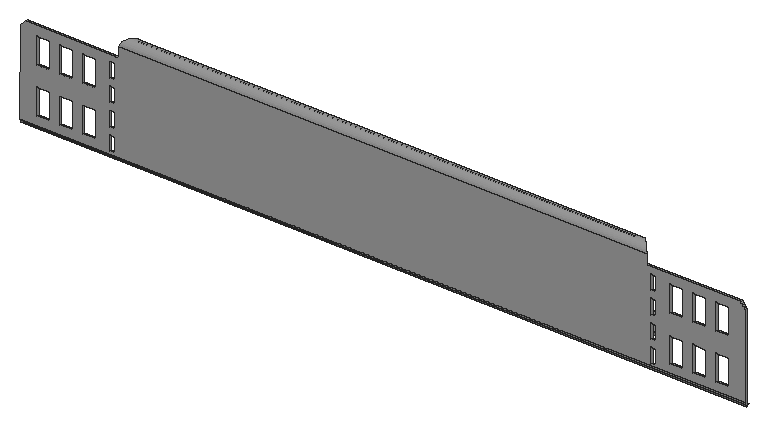
Revit family "Reduzierwinkel_Endabschluss RWEB 630 FS", category Generic Models, Revit 2017
Family settings
  Can host rebar = No
  Round Connector Dimension = Use Diameter
  Part Type = Normal
  Work Plane-Based = No
  Always vertical = Yes
  Cut with Voids When Loaded = No
  Shared = No
  Room Calculation Point = No
Parameters (values of type "RWEB 630 FS")
  URL = "http://www.obo-bettermann.com"
  Material = Strip galvanised
  Manufacturer Art.No. = "7109296"
  Manufacturer = "OBO BETTERMANN"
  GTIN = "4012196241811"
  Cut's number 3 = 3
  Cut's number 2 = 2
  Cut's number = 5
  Article Type = "RWEB 630 FS"
Reference planes
  plane 1 "Center (Front/Back)": y = 0
  plane 2: z = 0
  plane 3 "Center (Left/Right)": x = 0
  plane 4: z = 60
  plane 5: y = 12.5
  plane 6: y = 12.5
  plane 7: x = 395
  plane 8: x = 197.5
  plane 9: x = 73.755
  plane 10: x = 321.245
  plane 11: x = 197.5
  plane 12: x = 197.5
  plane 13: x = 321.245
  plane 14: x = 73.755
  plane 15: z = 51
  plane 16: z = 26.5
  plane 17: y = 25
  plane 18: through (197.5, 24.92, 1200) normal (-0.7071, 0.7071, 0)
  plane 19: through (197.5, 24.92, 1200) normal (0.7071, -0.7071, 0)
  plane 20: y = 25
  plane 21: through (222.5, 24.92, 1200) normal (-0.7071, 0.7071, 0)
  plane 22: through (222.5, 24.92, 1200) normal (0.7071, -0.7071, 0)
  plane 23: y = 25
  plane 24: through (247.5, 24.92, 1200) normal (-0.7071, 0.7071, 0)
  plane 25: through (247.5, 24.92, 1200) normal (0.7071, -0.7071, 0)
  plane 26: y = 25
  plane 27: through (272.5, 24.92, 1200) normal (-0.7071, 0.7071, 0)
  plane 28: through (272.5, 24.92, 1200) normal (0.7071, -0.7071, 0)
  plane 29: y = 25
  plane 30: through (297.5, 24.92, 1200) normal (-0.7071, 0.7071, 0)
  plane 31: through (297.5, 24.92, 1200) normal (0.7071, -0.7071, 0)
  plane 32: y = 25
  plane 33: through (172.5, 24.92, 1200) normal (-0.7071, 0.7071, 0)
  plane 34: through (172.5, 24.92, 1200) normal (0.7071, -0.7071, 0)
  plane 35: y = 25
  plane 36: through (147.5, 24.92, 1200) normal (-0.7071, 0.7071, 0)
  plane 37: through (147.5, 24.92, 1200) normal (0.7071, -0.7071, 0)
  plane 38: y = 25
  plane 39: through (122.5, 24.92, 1200) normal (-0.7071, 0.7071, 0)
  plane 40: through (122.5, 24.92, 1200) normal (0.7071, -0.7071, 0)
  plane 41: y = 25
  plane 42: through (97.5, 24.92, 1200) normal (-0.7071, 0.7071, 0)
  plane 43: through (97.5, 24.92, 1200) normal (0.7071, -0.7071, 0)
  plane 44: z = 14
  plane 45: z = 39
  plane 46: x = 12.5
  plane 47: z = 39
  plane 48: z = 64
  plane 49: x = 12.5
  plane 50: z = 14
  plane 51: z = 39
  plane 52: x = 12.5
  plane 53: z = 14
  plane 54: z = 39
  plane 55: x = 24.966
  plane 56: z = 39
  plane 57: z = 64
  plane 58: x = 24.966
  plane 59: z = 14
  plane 60: z = 39
  plane 61: x = 37.431
  plane 62: z = 39
  plane 63: z = 64
  plane 64: x = 37.431
  plane 65: z = 14
  plane 66: z = 39
  plane 67: x = 382.5
  plane 68: z = 39
  plane 69: z = 64
  plane 70: x = 382.5
  plane 71: z = 14
  plane 72: z = 39
  plane 73: x = 370.034
  plane 74: z = 39
  plane 75: z = 64
  plane 76: x = 370.034
  plane 77: z = 14
  plane 78: z = 39
  plane 79: x = 357.569
  plane 80: z = 39
  plane 81: z = 64
  plane 82: x = 357.569
  plane 83: x = 50
  plane 84: z = 47.5
  plane 85: x = 50
  plane 86: z = 35.549
  plane 87: x = 50
  plane 88: z = 23.585
  plane 89: x = 50
  plane 90: z = 11.621
  plane 91: x = 345
  plane 92: z = 47.5
  plane 93: x = 345
  plane 94: z = 35.549
  plane 95: x = 345
  plane 96: z = 23.585
  plane 97: x = 345
  plane 98: z = 11.621
Forms (mm)
  Extrusion 1, solid, material "Strip galvanised" <- "Material"
    sketch origin (0, 0, 0) x (0, 1, 0) y (0, 0, 1)
      loop
        line (2.027, 0) -> (40, 0) -> (40, 1) -> (2.027, 1)
        arc (2.027, 1) -> (1.32, 1.293) -> (1.027, 2) r 1
        line (1.027, 2) -> (1.027, 56.048)
        arc (1.027, 56.048) -> (2.835, 58.754) -> (6.027, 58.119) r 2.929
        line (6.027, 58.119) -> (11.793, 52.353) -> (12.5, 53.06) -> (6.699, 58.861)
        arc (6.699, 58.861) -> (2.537, 59.725) -> (0, 56.305) r 3.929
        line (0, 56.305) -> (0, 2.545)
        arc (0, 2.545) -> (0.001, 2) -> (0.1, 1.465) r 3.048
        arc (0.1, 1.465) -> (0.816, 0.408) -> (2.027, 0) r 2
    from 0 to 395
  Extrusion 2, void
    sketch origin (0, 0, 0) x (1, 0, 0) y (0, 1, 0)
      loop
        line (73.755, 40) -> (0, 40) -> (0, 1.05) -> (63.318, 1.05) -> (73.755, 40)
    from 0 to 1
  Extrusion 3, void
    sketch origin (395, 0, 0) x (-1, 0, 0) y (0, -1, 0)
      loop
        line (73.755, -40) -> (63.318, -1.05) -> (0, -1.05) -> (0, -40) -> (73.755, -40)
    from 0 to 1
  Extrusion 4, void
    sketch origin (0, 0, 0) x (1, 0, 0) y (0, 1, 0)
      loop
        line (0, 12.5) -> (0, -0.374) -> (53.513, -0.374) -> (66.386, 12.5) -> (0, 12.5)
    from 51 to 60.937
  Extrusion 5, void
    sketch origin (395, 0, 0) x (-1, 0, 0) y (0, -1, 0)
      loop
        line (0, -12.5) -> (66.386, -12.5) -> (53.513, 0.374) -> (0, 0.374) -> (0, -12.5)
    from 51 to 60.937
  Extrusion 6, void
    sketch origin (0, 0, 0) x (1, 0, 0) y (0, 0, 1)
      loop
        line (395, 51) -> (392, 51) -> (395, 48) -> (395, 51)
    from 0 to -1.027
  Extrusion 7, void
    sketch origin (395, 0, 0) x (-1, 0, 0) y (0, 0, -1)
      loop
        line (395, -51) -> (395, -48) -> (392, -51) -> (395, -51)
    from 0 to -1.027
  Extrusion 8, void
    sketch origin (0, 0, 0) x (1, 0, 0) y (0, 1, 0)
      loop
        line (203.424, 35.722) -> (186.198, 18.497)
        arc (186.198, 18.497) -> (186.198, 13.547) -> (191.148, 13.547) r 3.5
        line (191.148, 13.547) -> (208.634, 31.033)
        arc (208.634, 31.033) -> (208.716, 36.363) -> (203.424, 35.722) r 3.537
    from 0 to 1
  Extrusion 9, void
    sketch origin (25, 0, 0) x (1, 0, 0) y (0, 1, 0)
      loop
        line (203.424, 35.722) -> (186.198, 18.497)
        arc (186.198, 18.497) -> (186.198, 13.547) -> (191.148, 13.547) r 3.5
        line (191.148, 13.547) -> (208.634, 31.033)
        arc (208.634, 31.033) -> (208.716, 36.363) -> (203.424, 35.722) r 3.537
    from 0 to 1
  Extrusion 10, void
    sketch origin (50, 0, 0) x (1, 0, 0) y (0, 1, 0)
      loop
        line (203.424, 35.722) -> (186.198, 18.497)
        arc (186.198, 18.497) -> (186.198, 13.547) -> (191.148, 13.547) r 3.5
        line (191.148, 13.547) -> (208.634, 31.033)
        arc (208.634, 31.033) -> (208.716, 36.363) -> (203.424, 35.722) r 3.537
    from 0 to 1
  Extrusion 11, void
    sketch origin (75, 0, 0) x (1, 0, 0) y (0, 1, 0)
      loop
        line (203.424, 35.722) -> (186.198, 18.497)
        arc (186.198, 18.497) -> (186.198, 13.547) -> (191.148, 13.547) r 3.5
        line (191.148, 13.547) -> (208.634, 31.033)
        arc (208.634, 31.033) -> (208.716, 36.363) -> (203.424, 35.722) r 3.537
    from 0 to 1
  Extrusion 12, void
    sketch origin (100, 0, 0) x (1, 0, 0) y (0, 1, 0)
      loop
        line (203.424, 35.722) -> (186.198, 18.497)
        arc (186.198, 18.497) -> (186.198, 13.547) -> (191.148, 13.547) r 3.5
        line (191.148, 13.547) -> (208.634, 31.033)
        arc (208.634, 31.033) -> (208.716, 36.363) -> (203.424, 35.722) r 3.537
    from 0 to 1
  Extrusion 13, void
    sketch origin (-25, 0, 0) x (1, 0, 0) y (0, 1, 0)
      loop
        line (203.424, 35.722) -> (186.198, 18.497)
        arc (186.198, 18.497) -> (186.198, 13.547) -> (191.148, 13.547) r 3.5
        line (191.148, 13.547) -> (208.634, 31.033)
        arc (208.634, 31.033) -> (208.716, 36.363) -> (203.424, 35.722) r 3.537
    from 0 to 1
  Extrusion 14, void
    sketch origin (-50, 0, 0) x (1, 0, 0) y (0, 1, 0)
      loop
        line (203.424, 35.722) -> (186.198, 18.497)
        arc (186.198, 18.497) -> (186.198, 13.547) -> (191.148, 13.547) r 3.5
        line (191.148, 13.547) -> (208.634, 31.033)
        arc (208.634, 31.033) -> (208.716, 36.363) -> (203.424, 35.722) r 3.537
    from 0 to 1
  Extrusion 15, void
    sketch origin (-75, 0, 0) x (1, 0, 0) y (0, 1, 0)
      loop
        line (203.424, 35.722) -> (186.198, 18.497)
        arc (186.198, 18.497) -> (186.198, 13.547) -> (191.148, 13.547) r 3.5
        line (191.148, 13.547) -> (208.634, 31.033)
        arc (208.634, 31.033) -> (208.716, 36.363) -> (203.424, 35.722) r 3.537
    from 0 to 1
  Extrusion 16, void
    sketch origin (-100, 0, 0) x (1, 0, 0) y (0, 1, 0)
      loop
        line (203.424, 35.722) -> (186.198, 18.497)
        arc (186.198, 18.497) -> (186.198, 13.547) -> (191.148, 13.547) r 3.5
        line (191.148, 13.547) -> (208.634, 31.033)
        arc (208.634, 31.033) -> (208.716, 36.363) -> (203.424, 35.722) r 3.537
    from 0 to 1
  Extrusion 17, void
    sketch origin (0, 0, 0) x (1, 0, 0) y (0, 0, 1)
      loop
        line (9, 21) -> (9, 7) -> (16, 7) -> (16, 21) -> (9, 21)
    from 0 to -1.027
  Extrusion 18, void
    sketch origin (0, 0, 25) x (1, 0, 0) y (0, 0, 1)
      loop
        line (9, 21) -> (9, 7) -> (16, 7) -> (16, 21) -> (9, 21)
    from 0 to -1.027
  Extrusion 19, void, not visible
    sketch origin (0, 0, 0) x (1, 0, 0) y (0, 0, 1)
      loop
        line (9, 21) -> (9, 7) -> (16, 7) -> (16, 21) -> (9, 21)
    from 0 to -1.027
  Extrusion 20, void
    sketch origin (12.466, 0, 0) x (1, 0, 0) y (0, 0, 1)
      loop
        line (9, 21) -> (9, 7) -> (16, 7) -> (16, 21) -> (9, 21)
    from 0 to -1.027
  Extrusion 21, void
    sketch origin (12.466, 0, 25) x (1, 0, 0) y (0, 0, 1)
      loop
        line (9, 21) -> (9, 7) -> (16, 7) -> (16, 21) -> (9, 21)
    from 0 to -1.027
  Extrusion 22, void
    sketch origin (24.931, 0, 0) x (1, 0, 0) y (0, 0, 1)
      loop
        line (9, 21) -> (9, 7) -> (16, 7) -> (16, 21) -> (9, 21)
    from 0 to -1.027
  Extrusion 23, void
    sketch origin (24.931, 0, 25) x (1, 0, 0) y (0, 0, 1)
      loop
        line (9, 21) -> (9, 7) -> (16, 7) -> (16, 21) -> (9, 21)
    from 0 to -1.027
  Extrusion 24, void
    sketch origin (395, 0, 0) x (-1, 0, 0) y (0, 0, -1)
      loop
        line (9, -21) -> (16, -21) -> (16, -7) -> (9, -7) -> (9, -21)
    from 0 to -1.027
  Extrusion 25, void
    sketch origin (395, 0, 25) x (-1, 0, 0) y (0, 0, -1)
      loop
        line (9, -21) -> (16, -21) -> (16, -7) -> (9, -7) -> (9, -21)
    from 0 to -1.027
  Extrusion 26, void
    sketch origin (382.534, 0, 0) x (-1, 0, 0) y (0, 0, -1)
      loop
        line (9, -21) -> (16, -21) -> (16, -7) -> (9, -7) -> (9, -21)
    from 0 to -1.027
  Extrusion 27, void
    sketch origin (382.534, 0, 25) x (-1, 0, 0) y (0, 0, -1)
      loop
        line (9, -21) -> (16, -21) -> (16, -7) -> (9, -7) -> (9, -21)
    from 0 to -1.027
  Extrusion 28, void
    sketch origin (370.069, 0, 0) x (-1, 0, 0) y (0, 0, -1)
      loop
        line (9, -21) -> (16, -21) -> (16, -7) -> (9, -7) -> (9, -21)
    from 0 to -1.027
  Extrusion 29, void
    sketch origin (370.069, 0, 25) x (-1, 0, 0) y (0, 0, -1)
      loop
        line (9, -21) -> (16, -21) -> (16, -7) -> (9, -7) -> (9, -21)
    from 0 to -1.027
  Extrusion 30, void
    sketch origin (0, 0, 0) x (1, 0, 0) y (0, 0, 1)
      loop
        line (48.75, 47.5) -> (48.75, 39.5) -> (51.25, 39.5) -> (51.25, 47.5) -> (48.75, 47.5)
    from 0 to -1.027
  Extrusion 31, void
    sketch origin (0, 0, -11.951) x (1, 0, 0) y (0, 0, 1)
      loop
        line (48.75, 47.5) -> (48.75, 39.5) -> (51.25, 39.5) -> (51.25, 47.5) -> (48.75, 47.5)
    from 0 to -1.027
  Extrusion 32, void
    sketch origin (0, 0, -23.915) x (1, 0, 0) y (0, 0, 1)
      loop
        line (48.75, 47.5) -> (48.75, 39.5) -> (51.25, 39.5) -> (51.25, 47.5) -> (48.75, 47.5)
    from 0 to -1.027
  Extrusion 33, void
    sketch origin (0, 0, -35.879) x (1, 0, 0) y (0, 0, 1)
      loop
        line (48.75, 47.5) -> (48.75, 39.5) -> (51.25, 39.5) -> (51.25, 47.5) -> (48.75, 47.5)
    from 0 to -1.027
  Extrusion 34, void
    sketch origin (395, 0, 0) x (-1, 0, 0) y (0, 0, -1)
      loop
        line (48.75, -47.5) -> (51.25, -47.5) -> (51.25, -39.5) -> (48.75, -39.5) -> (48.75, -47.5)
    from 0 to -1.027
  Extrusion 35, void
    sketch origin (395, 0, -11.951) x (-1, 0, 0) y (0, 0, -1)
      loop
        line (48.75, -47.5) -> (51.25, -47.5) -> (51.25, -39.5) -> (48.75, -39.5) -> (48.75, -47.5)
    from 0 to -1.027
  Extrusion 36, void
    sketch origin (395, 0, -23.915) x (-1, 0, 0) y (0, 0, -1)
      loop
        line (48.75, -47.5) -> (51.25, -47.5) -> (51.25, -39.5) -> (48.75, -39.5) -> (48.75, -47.5)
    from 0 to -1.027
  Extrusion 37, void
    sketch origin (395, 0, -35.879) x (-1, 0, 0) y (0, 0, -1)
      loop
        line (48.75, -47.5) -> (51.25, -47.5) -> (51.25, -39.5) -> (48.75, -39.5) -> (48.75, -47.5)
    from 0 to -1.027
Cuts and joins
  Extrusion 2, Extrusion 3, Extrusion 4, Extrusion 5, Extrusion 6, Extrusion 7, Extrusion 8, Extrusion 9, Extrusion 10, Extrusion 11, Extrusion 12, Extrusion 13, Extrusion 14, Extrusion 15, Extrusion 16, Extrusion 17, Extrusion 18, Extrusion 20, Extrusion 21, Extrusion 22, Extrusion 23, Extrusion 24, Extrusion 25, Extrusion 26, Extrusion 27, Extrusion 28, Extrusion 29, Extrusion 30, Extrusion 31, Extrusion 32, Extrusion 33, Extrusion 34, Extrusion 35, Extrusion 36, Extrusion 37 cuts Extrusion 1
Dimensions and locks
  locked: plane 4 to level at 60
  plane 1 "Center (Front/Back)" to plane 5 = 12.5 mm
  locked: Extrusion 1 sketch curve to Extrusion 1 sketch curve at 40
  locked: Extrusion 1 sketch curve to Extrusion 1 sketch curve at 1  (x2)
  locked: Extrusion 1 sketch curve to Extrusion 1 sketch curve at 1.027
  locked: Extrusion 1 sketch curve to Extrusion 1 sketch curve at 12.5
  locked: plane 4 to Extrusion 1 sketch curve at 7.647
  locked: plane 3 "Center (Left/Right)" to plane 7 at 395
  locked: plane 3 "Center (Left/Right)" to plane 8 at 197.5
  locked: plane 15 to level at 51
  locked: plane 1 "Center (Front/Back)" to Extrusion 4 sketch curve at 12.5
  locked: Extrusion 4 sketch curve to plane 1 "Center (Front/Back)" at 0.374
  locked: cut or joined group 1 (Extrusion 1, Extrusion 2, Extrusion 3, Extrusion 4, Extrusion 5, Extrusion 6, Extrusion 7, Extrusion 8, Extrusion 9, Extrusion 10, Extrusion 11, Extrusion 12, Extrusion 13, Extrusion 14, Extrusion 15, Extrusion 16, Extrusion 17, Extrusion 18, Extrusion 20, Extrusion 21, Extrusion 22, Extrusion 23, Extrusion 24, Extrusion 25, Extrusion 26, Extrusion 27, Extrusion 28, Extrusion 29, Extrusion 30, Extrusion 31, Extrusion 32, Extrusion 33, Extrusion 34, Extrusion 35, Extrusion 36, Extrusion 37) to cut or joined group 1 at 51
  equal spacing: group 9, group 8, group 7, group 6, group 5
  equal spacing: group 5, group 6, group 7, group 8, group 9  (x2)
  locked: Extrusion 17 sketch curve to Extrusion 17 sketch curve at 7
  locked: plane 46 to Extrusion 17 sketch curve at 3.5
  locked: Extrusion 17 sketch curve to Extrusion 17 sketch curve at 14
  locked: plane 44 to Extrusion 17 sketch curve at 7
  locked: Extrusion 18 sketch curve to Extrusion 18 sketch curve at 7
  locked: plane 49 to Extrusion 18 sketch curve at 3.5
  locked: Extrusion 18 sketch curve to Extrusion 18 sketch curve at 14
  locked: plane 47 to Extrusion 18 sketch curve at 7
  locked: Extrusion 19 sketch curve to Extrusion 19 sketch curve at 7
  locked: plane 52 to Extrusion 19 sketch curve at 3.5
  locked: Extrusion 19 sketch curve to Extrusion 19 sketch curve at 14
  locked: plane 50 to Extrusion 19 sketch curve at 7
  locked: Extrusion 20 sketch curve to Extrusion 20 sketch curve at 7
  locked: plane 55 to Extrusion 20 sketch curve at 3.5
  locked: Extrusion 20 sketch curve to Extrusion 20 sketch curve at 14
  locked: plane 53 to Extrusion 20 sketch curve at 7
  locked: Extrusion 21 sketch curve to Extrusion 21 sketch curve at 7
  locked: plane 58 to Extrusion 21 sketch curve at 3.5
  locked: Extrusion 21 sketch curve to Extrusion 21 sketch curve at 14
  locked: plane 56 to Extrusion 21 sketch curve at 7
  locked: Extrusion 22 sketch curve to Extrusion 22 sketch curve at 7
  locked: plane 61 to Extrusion 22 sketch curve at 3.5
  locked: Extrusion 22 sketch curve to Extrusion 22 sketch curve at 14
  locked: plane 59 to Extrusion 22 sketch curve at 7
  locked: Extrusion 23 sketch curve to Extrusion 23 sketch curve at 7
  locked: plane 64 to Extrusion 23 sketch curve at 3.5
  locked: Extrusion 23 sketch curve to Extrusion 23 sketch curve at 14
  locked: plane 62 to Extrusion 23 sketch curve at 7
  locked: Extrusion 24 sketch curve to Extrusion 24 sketch curve at 7
  locked: plane 67 to Extrusion 24 sketch curve at 3.5
  locked: Extrusion 24 sketch curve to Extrusion 24 sketch curve at 14
  locked: Extrusion 24 sketch curve to plane 65 at 7
  locked: Extrusion 25 sketch curve to Extrusion 25 sketch curve at 7
  locked: plane 70 to Extrusion 25 sketch curve at 3.5
  locked: Extrusion 25 sketch curve to Extrusion 25 sketch curve at 14
  locked: Extrusion 25 sketch curve to plane 68 at 7
  locked: Extrusion 26 sketch curve to Extrusion 26 sketch curve at 7
  locked: plane 73 to Extrusion 26 sketch curve at 3.5
  locked: Extrusion 26 sketch curve to Extrusion 26 sketch curve at 14
  locked: Extrusion 26 sketch curve to plane 71 at 7
  locked: Extrusion 27 sketch curve to Extrusion 27 sketch curve at 7
  locked: plane 76 to Extrusion 27 sketch curve at 3.5
  locked: Extrusion 27 sketch curve to Extrusion 27 sketch curve at 14
  locked: Extrusion 27 sketch curve to plane 74 at 7
  locked: Extrusion 28 sketch curve to Extrusion 28 sketch curve at 7
  locked: plane 79 to Extrusion 28 sketch curve at 3.5
  locked: Extrusion 28 sketch curve to Extrusion 28 sketch curve at 14
  locked: Extrusion 28 sketch curve to plane 77 at 7
  locked: Extrusion 29 sketch curve to Extrusion 29 sketch curve at 7
  locked: plane 82 to Extrusion 29 sketch curve at 3.5
  locked: Extrusion 29 sketch curve to Extrusion 29 sketch curve at 14
  locked: plane 80 to Extrusion 29 sketch curve at 7
  locked: Extrusion 30 sketch curve to Extrusion 30 sketch curve at 2.5
  locked: plane 83 to Extrusion 30 sketch curve at 1.25
  locked: Extrusion 30 sketch curve to Extrusion 30 sketch curve at 8
  locked: Extrusion 31 sketch curve to Extrusion 31 sketch curve at 2.5
  locked: plane 85 to Extrusion 31 sketch curve at 1.25
  locked: Extrusion 31 sketch curve to Extrusion 31 sketch curve at 8
  locked: Extrusion 32 sketch curve to Extrusion 32 sketch curve at 2.5
  locked: plane 87 to Extrusion 32 sketch curve at 1.25
  locked: Extrusion 32 sketch curve to Extrusion 32 sketch curve at 8
  locked: Extrusion 33 sketch curve to Extrusion 33 sketch curve at 2.5
  locked: plane 89 to Extrusion 33 sketch curve at 1.25
  locked: Extrusion 33 sketch curve to Extrusion 33 sketch curve at 8
  locked: Extrusion 34 sketch curve to Extrusion 34 sketch curve at 2.5
  locked: plane 91 to Extrusion 34 sketch curve at 1.25
  locked: Extrusion 34 sketch curve to Extrusion 34 sketch curve at 8
  locked: Extrusion 35 sketch curve to Extrusion 35 sketch curve at 2.5
  locked: plane 93 to Extrusion 35 sketch curve at 1.25
  locked: Extrusion 35 sketch curve to Extrusion 35 sketch curve at 8
  locked: Extrusion 36 sketch curve to Extrusion 36 sketch curve at 2.5
  locked: plane 95 to Extrusion 36 sketch curve at 1.25
  locked: Extrusion 36 sketch curve to Extrusion 36 sketch curve at 8
  locked: Extrusion 37 sketch curve to Extrusion 37 sketch curve at 2.5
  locked: plane 97 to Extrusion 37 sketch curve at 1.25
  locked: Extrusion 37 sketch curve to Extrusion 37 sketch curve at 8
  aligned and locked: level to plane 2
  aligned and locked: Extrusion 1 to level
  aligned and locked: plane 1 "Center (Front/Back)" to Extrusion 1
  aligned and locked: plane 7 to Extrusion 1
  aligned and locked: Extrusion 1 to plane 3 "Center (Left/Right)"
  aligned and locked: plane 3 "Center (Left/Right)" to Extrusion 2 sketch curve
  aligned and locked: Extrusion 2 to Extrusion 1
  aligned and locked: Extrusion 2 to level
  aligned and locked: Extrusion 4 to plane 15
  aligned and locked: Extrusion 4 sketch curve to plane 3 "Center (Left/Right)"
  aligned and locked: plane 1 "Center (Front/Back)" to Extrusion 6
  aligned and locked: Extrusion 1 to Extrusion 6
  aligned and locked: Extrusion 8 to level
  aligned and locked: Extrusion 1 to Extrusion 8
  aligned and locked: plane 1 "Center (Front/Back)" to Extrusion 17
  aligned and locked: Extrusion 1 to Extrusion 17
  aligned and locked: plane 1 "Center (Front/Back)" to Extrusion 30
  aligned and locked: Extrusion 1 to Extrusion 30
Automatic sketch dimensions
  Extrusion 8 sketch curve to Extrusion 8 sketch curve = 2.475 mm  (x2)
  Extrusion 8 sketch curve to Extrusion 8 sketch curve = 2.925 mm
  plane 17 to Extrusion 8 sketch curve = 6.033 mm
  Extrusion 8 sketch curve to Extrusion 8 sketch curve = 2.285 mm
  Extrusion 8 sketch curve to Extrusion 8 sketch curve = 2.7 mm
  Extrusion 8 sketch curve to plane 17 = 6.503 mm
  plane 18 to Extrusion 8 sketch curve = 3.449 mm
  Extrusion 9 sketch curve to Extrusion 9 sketch curve = 2.475 mm  (x2)
  Extrusion 9 sketch curve to Extrusion 9 sketch curve = 2.925 mm
  plane 20 to Extrusion 9 sketch curve = 6.033 mm
  Extrusion 9 sketch curve to Extrusion 9 sketch curve = 2.285 mm
  Extrusion 9 sketch curve to Extrusion 9 sketch curve = 2.7 mm
  Extrusion 9 sketch curve to plane 20 = 6.503 mm
  plane 21 to Extrusion 9 sketch curve = 3.449 mm
  Extrusion 10 sketch curve to Extrusion 10 sketch curve = 2.475 mm  (x2)
  Extrusion 10 sketch curve to Extrusion 10 sketch curve = 2.925 mm
  plane 23 to Extrusion 10 sketch curve = 6.033 mm
  Extrusion 10 sketch curve to Extrusion 10 sketch curve = 2.285 mm
  Extrusion 10 sketch curve to Extrusion 10 sketch curve = 2.7 mm
  Extrusion 10 sketch curve to plane 23 = 6.503 mm
  plane 24 to Extrusion 10 sketch curve = 3.449 mm
  Extrusion 11 sketch curve to Extrusion 11 sketch curve = 2.475 mm  (x2)
  Extrusion 11 sketch curve to Extrusion 11 sketch curve = 2.925 mm
  plane 26 to Extrusion 11 sketch curve = 6.033 mm
  Extrusion 11 sketch curve to Extrusion 11 sketch curve = 2.285 mm
  Extrusion 11 sketch curve to Extrusion 11 sketch curve = 2.7 mm
  Extrusion 11 sketch curve to plane 26 = 6.503 mm
  plane 27 to Extrusion 11 sketch curve = 3.449 mm
  Extrusion 12 sketch curve to Extrusion 12 sketch curve = 2.475 mm  (x2)
  Extrusion 12 sketch curve to Extrusion 12 sketch curve = 2.925 mm
  plane 29 to Extrusion 12 sketch curve = 6.033 mm
  Extrusion 12 sketch curve to Extrusion 12 sketch curve = 2.285 mm
  Extrusion 12 sketch curve to Extrusion 12 sketch curve = 2.7 mm
  Extrusion 12 sketch curve to plane 29 = 6.503 mm
  plane 30 to Extrusion 12 sketch curve = 3.449 mm
  Extrusion 13 sketch curve to Extrusion 13 sketch curve = 2.475 mm  (x2)
  Extrusion 13 sketch curve to Extrusion 13 sketch curve = 2.925 mm
  plane 32 to Extrusion 13 sketch curve = 6.033 mm
  Extrusion 13 sketch curve to Extrusion 13 sketch curve = 2.285 mm
  Extrusion 13 sketch curve to Extrusion 13 sketch curve = 2.7 mm
  Extrusion 13 sketch curve to plane 32 = 6.503 mm
  plane 33 to Extrusion 13 sketch curve = 3.449 mm
  Extrusion 14 sketch curve to Extrusion 14 sketch curve = 2.475 mm  (x2)
  Extrusion 14 sketch curve to Extrusion 14 sketch curve = 2.925 mm
  plane 35 to Extrusion 14 sketch curve = 6.033 mm
  Extrusion 14 sketch curve to Extrusion 14 sketch curve = 2.285 mm
  Extrusion 14 sketch curve to Extrusion 14 sketch curve = 2.7 mm
  Extrusion 14 sketch curve to plane 35 = 6.503 mm
  plane 36 to Extrusion 14 sketch curve = 3.449 mm
  Extrusion 15 sketch curve to Extrusion 15 sketch curve = 2.475 mm  (x2)
  Extrusion 15 sketch curve to Extrusion 15 sketch curve = 2.925 mm
  plane 38 to Extrusion 15 sketch curve = 6.033 mm
  Extrusion 15 sketch curve to Extrusion 15 sketch curve = 2.285 mm
  Extrusion 15 sketch curve to Extrusion 15 sketch curve = 2.7 mm
  Extrusion 15 sketch curve to plane 38 = 6.503 mm
  plane 39 to Extrusion 15 sketch curve = 3.449 mm
  Extrusion 16 sketch curve to Extrusion 16 sketch curve = 2.475 mm  (x2)
  Extrusion 16 sketch curve to Extrusion 16 sketch curve = 2.925 mm
  plane 41 to Extrusion 16 sketch curve = 6.033 mm
  Extrusion 16 sketch curve to Extrusion 16 sketch curve = 2.285 mm
  Extrusion 16 sketch curve to Extrusion 16 sketch curve = 2.7 mm
  Extrusion 16 sketch curve to plane 41 = 6.503 mm
  plane 42 to Extrusion 16 sketch curve = 3.449 mm
  Extrusion 30 sketch curve to plane 84 = 0 mm
  Extrusion 31 sketch curve to plane 86 = 0 mm
  Extrusion 32 sketch curve to plane 88 = 0 mm
  Extrusion 33 sketch curve to plane 90 = 0 mm
  Extrusion 1 sketch curve to Extrusion 1 sketch curve = 0 mm  (x3)
  Extrusion 1 sketch curve to plane 1 "Center (Front/Back)" = 0 mm
  Extrusion 1 sketch curve to level = 0 mm
  Extrusion 1 sketch curve to Extrusion 1 sketch curve = 1 mm
  Extrusion 1 sketch curve to Extrusion 1 sketch curve = 1.01 mm
  Extrusion 1 sketch curve to Extrusion 1 sketch curve = 2.894 mm
  Extrusion 1 sketch curve to Extrusion 1 sketch curve = 0.035 mm
  Extrusion 1 sketch curve to plane 4 = 1.881 mm
  Extrusion 1 sketch curve to Extrusion 1 sketch curve = 0.28 mm
  Extrusion 1 sketch curve to Extrusion 1 sketch curve = 1.079 mm
  Extrusion 1 sketch curve to Extrusion 1 sketch curve = 0.257 mm
  Extrusion 1 sketch curve to Extrusion 1 sketch curve = 0.672 mm
  Extrusion 1 sketch curve to plane 4 = 1.139 mm
  Extrusion 2 sketch curve to plane 9 = 0 mm
  Extrusion 2 sketch curve to plane 1 "Center (Front/Back)" = 1.05 mm
  Extrusion 2 sketch curve to plane 9 = 10.437 mm
  Extrusion 2 sketch curve to Extrusion 2 sketch curve = 38.95 mm
  Extrusion 3 sketch curve to plane 7 = 0 mm
  Extrusion 3 sketch curve to plane 13 = 0 mm
  plane 1 "Center (Front/Back)" to Extrusion 3 sketch curve = 1.05 mm
  plane 13 to Extrusion 3 sketch curve = 10.437 mm
  Extrusion 3 sketch curve to Extrusion 3 sketch curve = 38.95 mm
  plane 3 "Center (Left/Right)" to Extrusion 4 sketch curve = 53.513 mm
  Extrusion 4 sketch curve to Extrusion 4 sketch curve = 12.874 mm
  Extrusion 5 sketch curve to plane 7 = 0 mm
  Extrusion 5 sketch curve to plane 1 "Center (Front/Back)" = 0.374 mm
  Extrusion 5 sketch curve to Extrusion 5 sketch curve = 53.513 mm
  plane 1 "Center (Front/Back)" to Extrusion 5 sketch curve = 12.5 mm
  Extrusion 5 sketch curve to Extrusion 5 sketch curve = 12.874 mm
  Extrusion 6 sketch curve to plane 15 = 0 mm
  Extrusion 6 sketch curve to plane 7 = 0 mm
  Extrusion 6 sketch curve to plane 7 = 3 mm
  Extrusion 6 sketch curve to plane 15 = 3 mm
  Extrusion 7 sketch curve to plane 15 = 0 mm
  Extrusion 7 sketch curve to plane 3 "Center (Left/Right)" = 0 mm
  Extrusion 7 sketch curve to plane 3 "Center (Left/Right)" = 3 mm
  plane 15 to Extrusion 7 sketch curve = 3 mm
  Extrusion 34 sketch curve to plane 92 = 0 mm
  Extrusion 35 sketch curve to plane 94 = 0 mm
  Extrusion 36 sketch curve to plane 96 = 0 mm
  Extrusion 37 sketch curve to plane 98 = 0 mm
